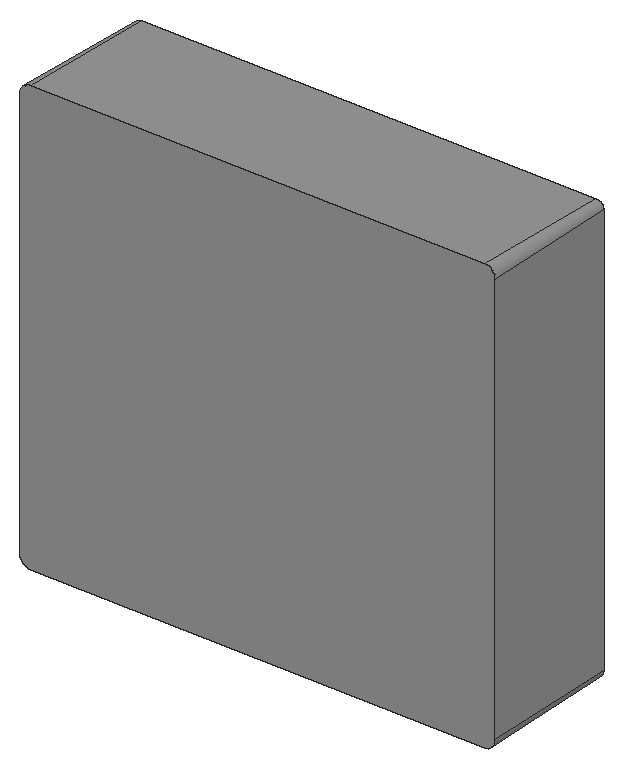
Revit family "L&L_LUCE&LIGHT_PASITO_1.2", category Lighting Fixtures, host Wall, Revit 2018 (continued)
Types (2, lengths in mm): name | Photometric Web File | built-in parameter 1150142
  PASITO_1.2 – 60° | "PASITO 1.2 BE 60° [2700K 8.5W 24Vdc] white.IES" | "IESNA:LM-63-2002\r\n[TEST] PASITO 20181002-1710.LDT\r\n[TESTLAB] L&L\r\n[TESTDATE] 2 Oct 2018\r\n[ISSUEDATE] 2 Oct 2018\r\n[MANUFAC] L&L\r\n[LUMCAT] PASITO 1.2 BE 60° [2700K 8.5W 24Vdc] white\r\n[LUMINAIRE] PASITO 1.2 BE 60° [2700K 8.5W 24Vdc] white\r\n[FLASHAREA] 0.000015\r\n[LAMPCAT] Power LED\r\n[LAMP] Power LED\r\nTILT=NONE\r\n1 272.00 1.0 181 73 1 2 0.002 0.030 0.000\r\n1.00 1.00 8.50\r\n0.00 1.00 2.00 3.00 4.00 5.00 6.00 7.00 8.00 9.00 10.00 \r\n11.00 12.00 13.00 14.00 15.00 16.00 17.00 18.00 19.00 \r\n20.00 21.00 22.00 23.00 24.00 25.00 26.00 27.00 28.00 \r\n29.00 30.00 31.00 32.00 33.00 34.00 35.00 36.00 37.00 \r\n38.00 39.00 40.00 41.00 42.00 43.00 44.00 45.00 46.00 \r\n47.00 48.00 49.00 50.00 51.00 52.00 53.00 54.00 55.00 \r\n56.00 57.00 58.00 59.00 60.00 61.00 62.00 63.00 64.00 \r\n65.00 66.00 67.00 68.00 69.00 70.00 71.00 72.00 73.00 \r\n74.00 75.00 76.00 77.00 78.00 79.00 80.00 81.00 82.00 \r\n83.00 84.00 85.00 86.00 87.00 88.00 89.00 90.00 91.00 \r\n92.00 93.00 94.00 95.00 96.00 97.00 98.00 99.00 100.00 \r\n101.00 102.00 103.00 104.00 105.00 106.00 107.00 108.00 \r\n109.00 110.00 111.00 112.00 113.00 114.00 115.00 116.00 \r\n117.00 118.00 119.00 120.00 121.00 122.00 123.00 124.00 \r\n125.00 126.00 127.00 128.00 129.00 130.00 131.00 132.00 \r\n133.00 134.00 135.00 136.00 137.00 138.00 139.00 140.00 \r\n141.00 142.00 143.00 144.00 145.00 146.00 147.00 148.00 \r\n149.00 150.00 151.00 152.00 153.00 154.00 155.00 156.00 \r\n157.00 158.00 159.00 160.00 161.00 162.00 163.00 164.00 \r\n165.00 166.00 167.00 168.00 169.00 170.00 171.00 172.00 \r\n173.00 174.00 175.00 176.00 177.00 178.00 179.00 180.00 \r\n0.00 5.00 10.00 15.00 20.00 25.00 30.00 35.00 40.00 45.00 \r\n50.00 55.00 60.00 65.00 70.00 75.00 80.00 85.00 90.00 \r\n95.00 100.00 105.00 110.00 115.00 120.00 125.00 130.00 \r\n135.00 140.00 145.00 150.00 155.00 160.00 165.00 170.00 \r\n175.00 180.00 185.00 190.00 195.00 200.00 205.00 210.00 \r\n215.00 220.00 225.00 230.00 235.00 240.00 245.00 250.00 \r\n255.00 260.00 265.00 270.00 275.00 280.00 285.00 290.00 \r\n295.00 300.00 305.00 310.00 315.00 320.00 325.00 330.00 \r\n335.00 340.00 345.00 350.00 355.00 360.00 \r\n0.07 0.07 0.07 0.07 0.07 0.07 0.07 0.07 0.07 0.07 0.07 \r\n0.07 0.07 0.07 0.08 0.08 0.08 0.08 0.08 0.09 0.09 0.09 \r\n0.09 0.09 0.10 0.10 0.10 0.10 0.11 0.11 0.11 0.11 0.11 \r\n0.12 0.12 0.12 0.12 0.13 0.13 0.13 0.13 0.14 0.14 0.14 \r\n0.14 0.15 0.15 0.15 0.15 0.15 0.16 0.16 0.16 0.16 0.17 \r\n0.17 0.17 0.17 0.17 0.17 0.18 0.18 0.18 0.18 0.18 0.18 \r\n0.19 0.19 0.19 0.19 0.19 0.19 0.19 0.19 0.20 0.20 0.20 \r\n0.20 0.20 0.20 0.20 0.20 0.21 0.21 0.21 0.21 0.21 0.21 \r\n0.21 0.21 0.22 0.22 0.22 0.22 0.22 0.22 0.22 0.22 0.22 \r\n0.22 0.22 0.22 0.22 0.22 0.22 0.22 0.22 0.22 0.22 0.21 \r\n0.21 0.21 0.21 0.21 0.21 0.20 0.20 0.20 0.20 0.19 0.19 \r\n0.19 0.19 0.18 0.18 0.18 0.18 0.18 0.17 0.17 0.17 0.17 \r\n0.16 0.16 0.16 0.15 0.15 0.15 0.14 0.14 0.14 0.13 0.13 \r\n0.13 0.12 0.12 0.11 0.11 0.11 0.10 0.10 0.09 0.09 0.09 \r\n0.08 0.08 0.08 0.07 0.07 0.07 0.06 0.06 0.06 0.06 0.05 \r\n0.05 0.05 0.05 0.04 0.04 0.04 0.04 0.04 0.04 0.04 0.04 \r\n0.04 0.03 0.03 0.02 0.02 \r\n0.07 0.07 0.06 0.05 0.04 0.04 0.03 0.02 0.02 0.01 0.01 \r\n0.00 0.00 0.00 0.00 0.00 0.00 0.00 0.00 0.00 0.00 0.00 \r\n0.00 0.00 0.00 0.00 0.00 0.00 0.00 0.00 0.00 0.00 0.00 \r\n0.00 0.00 0.00 0.00 0.00 0.00 0.00 0.00 0.00 0.00 0.00 \r\n0.00 0.00 0.00 0.00 0.00 0.00 0.00 0.00 0.00 0.00 0.00 \r\n0.00 0.00 0.00 0.00 0.00 0.00 0.00 0.00 0.00 0.00 0.00 \r\n0.00 0.00 0.00 0.00 0.00 0.00 0.00 0.00 0.00 0.00 0.00 \r\n0.00 0.00 0.00 0.00 0.00 0.00 0.00 0.00 0.00 0.00 0.00 \r\n0.00 0.00 0.00 0.00 0.00 0.00 0.00 0.00 0.00 0.00 0.00 \r\n0.00 0.00 0.00 0.00 0.00 0.00 0.00 0.00 0.00 0.00 0.00 \r\n0.00 0.00 0.00 0.00 0.00 0.00 0.00 0.00 0.00 0.00 0.00 \r\n0.00 0.00 0.00 0.00 0.00 0.00 0.00 0.00 0.00 0.00 0.00 \r\n0.00 0.00 0.00 0.00 0.00 0.00 0.00 0.00 0.00 0.00 0.00 \r\n0.00 0.00 0.00 0.00 0.00 0.00 0.00 0.00 0.00 0.00 0.00 \r\n0.00 0.00 0.00 0.00 0.00 0.00 0.00 0.00 0.00 0.00 0.00 \r\n0.00 0.00 0.00 0.00 0.00 0.00 0.01 0.01 0.01 0.01 0.02 \r\n0.02 0.02 0.02 0.02 0.02 \r\n0.07 0.06 0.05 0.03 0.02 0.01 0.00 0.00 0.00 0.00 0.00 \r\n0.00 0.00 0.00 0.00 0.00 0.00 0.00 0.00 0.00 0.00 0.00 \r\n0.00 0.00 0.00 0.00 0.00 0.00 0.00 0.00 0.00 0.00 0.00 \r\n0.00 0.00 0.00 0.00 0.00 0.00 0.00 0.00 0.00 0.00 0.00 \r\n0.00 0.00 0.00 0.00 0.00 0.00 0.00 0.00 0.00 0.00 0.00 \r\n0.00 0.00 0.00 0.00 0.00 0.00 0.00 0.00 0.00 0.00 0.00 \r\n0.00 0.00 0.00 0.00 0.00 0.00 0.00 0.00 0.00 0.00 0.00 \r\n0.00 0.00 0.00 0.00 0.00 0.00 0.00 0.00 0.00 0.00 0.00 \r\n0.00 0.00 0.00 0.00 0.00 0.00 0.00 0.00 0.00 0.00 0.00 \r\n0.00 0.00 0.00 0.00 0.00 0.00 0.00 0.00 0.00 0.00 0.00 \r\n0.00 0.00 0.00 0.00 0.00 0.00 0.00 0.00 0.00 0.00 0.00 \r\n0.00 0.00 0.00 0.00 0.00 0.00 0.00 0.00 0.00 0.00 0.00 \r\n0.00 0.00 0.00 0.00 0.00 0.00 0.00 0.00 0.00 0.00 0.00 \r\n0.00 0.00 0.00 0.00 0.00 0.00 0.00 0.00 0.00 0.00 0.00 \r\n0.00 0.00 0.00 0.00 0.00 0.00 0.00 0.00 0.00 0.00 0.00 \r\n0.00 0.00 0.00 0.00 0.00 0.00 0.00 0.00 0.00 0.00 0.00 \r\n0.01 0.01 0.02 0.02 0.02 \r\n0.07 0.05 0.04 0.02 0.00 0.00 0.00 0.00 0.00 0.00 0.00 \r\n0.00 0.00 0.00 0.00 0.00 0.00 0.00 0.00 0.00 0.00 0.00 \r\n0.00 0.00 0.00 0.00 0.00 0.00 0.00 0.00 0.00 0.00 0.00 \r\n0.00 0.00 0.00 0.00 0.00 0.00 0.00 0.00 0.00 0.00 0.00 \r\n0.00 0.00 0.00 0.00 0.00 0.00 0.00 0.00 0.00 0.00 0.00 \r\n0.00 0.00 0.00 0.00 0.00 0.00 0.00 0.00 0.00 0.00 0.00 \r\n0.00 0.00 0.00 0.00 0.00 0.00 0.00 0.00 0.00 0.00 0.00 \r\n0.00 0.00 0.00 0.00 0.00 0.00 0.00 0.00 0.00 0.00 0.00 \r\n0.00 0.00 0.00 0.00 0.00 0.00 0.00 0.00 0.00 0.00 0.00 \r\n0.00 0.00 0.00 0.00 0.00 0.00 0.00 0.00 0.00 0.00 0.00 \r\n0.00 0.00 0.00 0.00 0.00 0.00 0.00 0.00 0.00 0.00 0.00 \r\n0.00 0.00 0.00 0.00 0.00 0.00 0.00 0.00 0.00 0.00 0.00 \r\n0.00 0.00 0.00 0.00 0.00 0.00 0.00 0.00 0.00 0.00 0.00 \r\n0.00 0.00 0.00 0.00 0.00 0.00 0.00 0.00 0.00 0.00 0.00 \r\n0.00 0.00 0.00 0.00 0.00 0.00 0.00 0.00 0.00 0.00 0.00 \r\n0.00 0.00 0.00 0.00 0.00 0.00 0.00 0.00 0.00 0.00 0.00 \r\n0.00 0.01 0.01 0.02 0.02 \r\n0.07 0.05 0.02 0.00 0.00 0.00 0.00 0.00 0.00 0.00 0.00 \r\n0.00 0.00 0.00 0.00 0.00 0.00 0.00 0.00 0.00 0.00 0.00 \r\n0.00 0.00 0.00 0.00 0.00 0.00 0.00 0.00 0.00 0.00 0.00 \r\n0.00 0.00 0.00 0.00 0.00 0.00 0.00 0.00 0.00 0.00 0.00 \r\n0.00 0.00 0.00 0.00 0.00 0.00 0.00 0.00 0.00 0.00 0.00 \r\n0.00 0.00 0.00 0.00 0.00 0.00 0.00 0.00 0.00 0.00 0.00 \r\n0.00 0.00 0.00 0.00 0.00 0.00 0.00 0.00 0.00 0.00 0.00 \r\n0.00 0.00 0.00 0.00 0.00 0.00 0.00 0.00 0.00 0.00 0.00 \r\n0.00 0.00 0.00 0.00 0.00 0.00 0.00 0.00 0.00 0.00 0.00 \r\n0.00 0.00 0.00 0.00 0.00 0.00 0.00 0.00 0.00 0.00 0.00 \r\n0.00 0.00 0.00 0.00 0.00 0.00 0.00 0.00 0.00 0.00 0.00 \r\n0.00 0.00 0.00 0.00 0.00 0.00 0.00 0.00 0.00 0.00 0.00 \r\n0.00 0.00 0.00 0.00 0.00 0.00 0.00 0.00 0.00 0.00 0.00 \r\n0.00 0.00 0.00 0.00 0.00 0.00 0.00 0.00 0.00 0.00 0.00 \r\n0.00 0.00 0.00 0.00 0.00 0.00 0.00 0.00 0.00 0.00 0.00 \r\n0.00 0.00 0.00 0.00 0.00 0.00 0.00 0.00 0.00 0.00 0.00 \r\n0.00 0.00 0.01 0.01 0.02 \r\n0.07 0.04 0.01 0.00 0.00 0.00 0.00 0.00 0.00 0.00 0.00 \r\n0.00 0.00 0.00 0.00 0.00 0.00 0.00 0.00 0.00 0.00 0.00 \r\n0.00 0.00 0.00 0.00 0.00 0.00 0.00 0.00 0.00 0.00 0.00 \r\n0.00 0.00 0.00 0.00 0.00 0.00 0.00 0.00 0.00 0.00 0.00 \r\n0.00 0.00 0.00 0.00 0.00 0.00 0.00 0.00 0.00 0.00 0.00 \r\n0.00 0.00 0.00 0.00 0.00 0.00 0.00 0.00 0.00 0.00 0.00 \r\n0.00 0.00 0.00 0.00 0.00 0.00 0.00 0.00 0.00 0.00 0.00 \r\n0.00 0.00 0.00 0.00 0.00 0.00 0.00 0.00 0.00 0.00 0.00 \r\n0.00 0.00 0.00 0.00 0.00 0.00 0.00 0.00 0.00 0.00 0.00 \r\n0.00 0.00 0.00 0.00 0.00 0.00 0.00 0.00 0.00 0.00 0.00 \r\n0.00 0.00 0.00 0.00 0.00 0.00 0.00 0.00 0.00 0.00 0.00 \r\n0.00 0.00 0.00 0.00 0.00 0.00 0.00 0.00 0.00 0.00 0.00 \r\n0.00 0.00 0.00 0.00 0.00 0.00 0.00 0.00 0.00 0.00 0.00 \r\n0.00 0.00 0.00 0.00 0.00 0.00 0.00 0.00 0.00 0.00 0.00 \r\n0.00 0.00 0.00 0.00 0.00 0.00 0.00 0.00 0.00 0.00 0.00 \r\n0.00 0.00 0.00 0.00 0.00 0.00 0.00 0.00 0.00 0.00 0.00 \r\n0.00 0.00 0.00 0.01 0.02 \r\n0.07 0.04 0.00 0.00 0.00 0.00 0.00 0.00 0.00 0.00 0.00 \r\n0.00 0.00 0.00 0.00 0.00 0.00 0.00 0.00 0.00 0.00 0.00 \r\n0.00 0.00 0.00 0.00 0.00 0.00 0.00 0.00 0.00 0.00 0.00 \r\n0.00 0.00 0.00 0.00 0.00 0.00 0.00 0.00 0.00 0.00 0.00 \r\n0.00 0.00 0.00 0.00 0.00 0.00 0.00 0.00 0.00 0.00 0.00 \r\n0.00 0.00 0.00 0.00 0.00 0.00 0.00 0.00 0.00 0.00 0.00 \r\n0.00 0.00 0.00 0.00 0.00 0.00 0.00 0.00 0.00 0.00 0.00 \r\n0.00 0.00 0.00 0.00 0.00 0.00 0.00 0.00 0.00 0.00 0.00 \r\n0.00 0.00 0.00 0.00 0.00 0.00 0.00 0.00 0.00 0.00 0.00 \r\n0.00 0.00 0.00 0.00 0.00 0.00 0.00 0.00 0.00 0.00 0.00 \r\n0.00 0.00 0.00 0.00 0.00 0.00 0.00 0.00 0.00 0.00 0.00 \r\n0.00 0.00 0.00 0.00 0.00 0.00 0.00 0.00 0.00 0.00 0.00 \r\n0.00 0.00 0.00 0.00 0.00 0.00 0.00 0.00 0.00 0.00 0.00 \r\n0.00 0.00 0.00 0.00 0.00 0.00 0.00 0.00 0.00 0.00 0.00 \r\n0.00 0.00 0.00 0.00 0.00 0.00 0.00 0.00 0.00 0.00 0.00 \r\n0.00 0.00 0.00 0.00 0.00 0.00 0.00 0.00 0.00 0.00 0.00 \r\n0.00 0.00 0.00 0.01 0.02 \r\n0.07 0.03 0.00 0.00 0.00 0.00 0.00 0.00 0.00 0.00 0.00 \r\n0.00 0.00 0.00 0.00 0.00 0.00 0.00 0.00 0.00 0.00 0.00 \r\n0.00 0.00 0.00 0.00 0.00 0.00 0.00 0.00 0.00 0.00 0.00 \r\n0.00 0.00 0.00 0.00 0.00 0.00 0.00 0.00 0.00 0.00 0.00 \r\n0.00 0.00 0.00 0.00 0.00 0.00 0.00 0.00 0.00 0.00 0.00 \r\n0.00 0.00 0.00 0.00 0.00 0.00 0.00 0.00 0.00 0.00 0.00 \r\n0.00 0.00 0.00 0.00 0.00 0.00 0.00 0.00 0.00 0.00 0.00 \r\n0.00 0.00 0.00 0.00 0.00 0.00 0.00 0.00 0.00 0.00 0.00 \r\n0.00 0.00 0.00 0.00 0.00 0.00 0.00 0.00 0.00 0.00 0.00 \r\n0.00 0.00 0.00 0.00 0.00 0.00 0.00 0.00 0.00 0.00 0.00 \r\n0.00 0.00 0.00 0.00 0.00 0.00 0.00 0.00 0.00 0.00 0.00 \r\n0.00 0.00 0.00 0.00 0.00 0.00 0.00 0.00 0.00 0.00 0.00 \r\n0.00 0.00 0.00 0.00 0.00 0.00 0.00 0.00 0.00 0.00 0.00 \r\n0.00 0.00 0.00 0.00 0.00 0.00 0.00 0.00 0.00 0.00 0.00 \r\n0.00 0.00 0.00 0.00 0.00 0.00 0.00 0.00 0.00 0.00 0.00 \r\n0.00 0.00 0.00 0.00 0.00 0.00 0.00 0.00 0.00 0.00 0.00 \r\n0.00 0.00 0.00 0.01 0.02 \r\n0.07 0.03 0.00 0.00 0.00 0.00 0.00 0.00 0.00 0.00 0.00 \r\n0.00 0.00 0.00 0.00 0.00 0.00 0.00 0.00 0.00 0.00 0.00 \r\n0.00 0.00 0.00 0.00 0.00 0.00 0.00 0.00 0.00 0.00 0.00 \r\n0.00 0.00 0.00 0.00 0.00 0.00 0.00 0.00 0.00 0.00 0.00 \r\n0.00 0.00 0.00 0.00 0.00 0.00 0.00 0.00 0.00 0.00 0.00 \r\n0.00 0.00 0.00 0.00 0.00 0.00 0.00 0.00 0.00 0.00 0.00 \r\n0.00 0.00 0.00 0.00 0.00 0.00 0.00 0.00 0.00 0.00 0.00 \r\n0.00 0.00 0.00 0.00 0.00 0.00 0.00 0.00 0.00 0.00 0.00 \r\n0.00 0.00 0.00 0.00 0.00 0.00 0.00 0.00 0.00 0.00 0.00 \r\n0.00 0.00 0.00 0.00 0.00 0.00 0.00 0.00 0.00 0.00 0.00 \r\n0.00 0.00 0.00 0.00 0.00 0.00 0.00 0.00 0.00 0.00 0.00 \r\n0.00 0.00 0.00 0.00 0.00 0.00 0.00 0.00 0.00 0.00 0.00 \r\n0.00 0.00 0.00 0.00 0.00 0.00 0.00 0.00 0.00 0.00 0.00 \r\n0.00 0.00 0.00 0.00 0.00 0.00 0.00 0.00 0.00 0.00 0.00 \r\n0.00 0.00 0.00 0.00 0.00 0.00 0.00 0.00 0.00 0.00 0.00 \r\n0.00 0.00 0.00 0.00 0.00 0.00 0.00 0.00 0.00 0.00 0.00 \r\n0.00 0.00 0.00 0.01 0.02 \r\n0.07 0.02 0.00 0.00 0.00 0.00 0.00 0.00 0.00 0.00 0.00 \r\n0.00 0.00 0.00 0.00 0.00 0.00 0.00 0.00 0.00 0.00 0.00 \r\n0.00 0.00 0.00 0.00 0.00 0.00 0.00 0.00 0.00 0.00 0.00 \r\n0.00 0.00 0.00 0.00 0.00 0.00 0.00 0.00 0.00 0.00 0.00 \r\n0.00 0.00 0.00 0.00 0.00 0.00 0.00 0.00 0.00 0.00 0.00 \r\n0.00 0.00 0.00 0.00 0.00 0.00 0.00 0.00 0.00 0.00 0.00 \r\n0.00 0.00 0.00 0.00 0.00 0.00 0.00 0.00 0.00 0.00 0.00 \r\n0.00 0.00 0.00 0.00 0.00 0.00 0.00 0.00 0.00 0.00 0.00 \r\n0.00 0.00 0.00 0.00 0.00 0.00 0.00 0.00 0.00 0.00 0.00 \r\n0.00 0.00 0.00 0.00 0.00 0.00 0.00 0.00 0.00 0.00 0.00 \r\n0.00 0.00 0.00 0.00 0.00 0.00 0.00 0.00 0.00 0.00 0.00 \r\n0.00 0.00 0.00 0.00 0.00 0.00 0.00 0.00 0.00 0.00 0.00 \r\n0.00 0.00 0.00 0.00 0.00 0.00 0.00 0.00 0.00 0.00 0.00 \r\n0.00 0.00 0.00 0.00 0.00 0.00 0.00 0.00 0.00 0.00 0.00 \r\n0.00 0.00 0.00 0.00 0.00 0.00 0.00 0.00 0.00 0.00 0.00 \r\n0.00 0.00 0.00 0.00 0.00 0.00 0.00 0.00 0.00 0.00 0.00 \r\n0.00 0.00 0.00 0.00 0.02 \r\n0.07 0.02 0.00 0.00 0.00 0.00 0.00 0.00 0.00 0.00 0.00 \r\n0.00 0.00 0.00 0.00 0.00 0.00 0.00 0.00 0.00 0.00 0.00 \r\n0.00 0.00 0.00 0.00 0.00 0.00 0.00 0.00 0.00 0.00 0.00 \r\n0.00 0.00 0.00 0.00 0.00 0.00 0.00 0.00 0.00 0.00 0.00 \r\n0.00 0.00 0.00 0.00 0.00 0.00 0.00 0.00 0.00 0.00 0.00 \r\n0.00 0.00 0.00 0.00 0.00 0.00 0.00 0.00 0.00 0.00 0.00 \r\n0.00 0.00 0.00 0.00 0.00 0.00 0.00 0.00 0.00 0.00 0.00 \r\n0.00 0.00 0.00 0.00 0.00 0.00 0.00 0.00 0.00 0.00 0.00 \r\n0.00 0.00 0.00 0.00 0.00 0.00 0.00 0.00 0.00 0.00 0.00 \r\n0.00 0.00 0.00 0.00 0.00 0.00 0.00 0.00 0.00 0.00 0.00 \r\n0.00 0.00 0.00 0.00 0.00 0.00 0.00 0.00 0.00 0.00 0.00 \r\n0.00 0.00 0.00 0.00 0.00 0.00 0.00 0.00 0.00 0.00 0.00 \r\n0.00 0.00 0.00 0.00 0.00 0.00 0.00 0.00 0.00 0.00 0.00 \r\n0.00 0.00 0.00 0.00 0.00 0.00 0.00 0.00 0.00 0.00 0.00 \r\n0.00 0.00 0.00 0.00 0.00 0.00 0.00 0.00 0.00 0.00 0.00 \r\n0.00 0.00 0.00 0.00 0.00 0.00 0.00 0.00 0.00 0.00 0.00 \r\n0.00 0.00 0.00 0.00 0.02 \r\n0.07 0.01 0.00 0.00 0.00 0.00 0.00 0.00 0.00 0.00 0.00 \r\n0.00 0.00 0.00 0.00 0.00 0.00 0.00 0.00 0.00 0.00 0.00 \r\n0.00 0.00 0.00 0.00 0.00 0.00 0.00 0.00 0.00 0.00 0.00 \r\n0.00 0.00 0.00 0.00 0.00 0.00 0.00 0.00 0.00 0.00 0.00 \r\n0.00 0.00 0.00 0.00 0.00 0.00 0.00 0.00 0.00 0.00 0.00 \r\n0.00 0.00 0.00 0.00 0.00 0.00 0.00 0.00 0.00 0.00 0.00 \r\n0.00 0.00 0.00 0.00 0.00 0.00 0.00 0.00 0.00 0.00 0.00 \r\n0.00 0.00 0.00 0.00 0.00 0.00 0.00 0.00 0.00 0.00 0.00 \r\n0.00 0.00 0.00 0.00 0.00 0.00 0.00 0.00 0.00 0.00 0.00 \r\n0.00 0.00 0.00 0.00 0.00 0.00 0.00 0.00 0.00 0.00 0.00 \r\n0.00 0.00 0.00 0.00 0.00 0.00 0.00 0.00 0.00 0.00 0.00 \r\n0.00 0.00 0.00 0.00 0.00 0.00 0.00 0.00 0.00 0.00 0.00 \r\n0.00 0.00 0.00 0.00 0.00 0.00 0.00 0.00 0.00 0.00 0.00 \r\n0.00 0.00 0.00 0.00 0.00 0.00 0.00 0.00 0.00 0.00 0.00 \r\n0.00 0.00 0.00 0.00 0.00 0.00 0.00 0.00 0.00 0.00 0.00 \r\n0.00 0.00 0.00 0.00 0.00 0.00 0.00 0.00 0.00 0.00 0.00 \r\n0.00 0.00 0.00 0.00 0.02 \r\n0.07 0.01 0.00 0.00 0.00 0.00 0.00 0.00 0.00 0.00 0.00 \r\n0.00 0.00 0.00 0.00 0.00 0.00 0.00 0.00 0.00 0.00 0.00 \r\n0.00 0.00 0.00 0.00 0.00 0.00 0.00 0.00 0.00 0.00 0.00 \r\n0.00 0.00 0.00 0.00 0.00 0.00 0.00 0.00 0.00 0.00 0.00 \r\n0.00 0.00 0.00 0.00 0.00 0.00 0.00 0.00 0.00 0.00 0.00 \r\n0.00 0.00 0.00 0.00 0.00 0.00 0.00 0.00 0.00 0.00 0.00 \r\n0.00 0.00 0.00 0.00 0.00 0.00 0.00 0.00 0.00 0.00 0.00 \r\n0.00 0.00 0.00 0.00 0.00 0.00 0.00 0.00 0.00 0.00 0.00 \r\n0.00 0.00 0.00 0.00 0.00 0.00 0.00 0.00 0.00 0.00 0.00 \r\n0.00 0.00 0.00 0.00 0.00 0.00 0.00 0.00 0.00 0.00 0.00 \r\n0.00 0.00 0.00 0.00 0.00 0.00 0.00 0.00 0.00 0.00 0.00 \r\n0.00 0.00 0.00 0.00 0.00 0.00 0.00 0.00 0.00 0.00 0.00 \r\n0.00 0.00 0.00 0.00 0.00 0.00 0.00 0.00 0.00 0.00 0.00 \r\n0.00 0.00 0.00 0.00 0.00 0.00 0.00 0.00 0.00 0.00 0.00 \r\n0.00 0.00 0.00 0.00 0.00 0.00 0.00 0.00 0.00 0.00 0.00 \r\n0.00 0.00 0.00 0.00 0.00 0.00 0.00 0.00 0.00 0.00 0.00 \r\n0.00 0.00 0.00 0.00 0.02 \r\n0.07 0.01 0.00 0.00 0.00 0.00 0.00 0.00 0.00 0.00 0.00 \r\n0.00 0.00 0.00 0.00 0.00 0.00 0.00 0.00 0.00 0.00 0.00 \r\n0.00 0.00 0.00 0.00 0.00 0.00 0.00 0.00 0.00 0.00 0.00 \r\n0.00 0.00 0.00 0.00 0.00 0.00 0.00 0.00 0.00 0.00 0.00 \r\n0.00 0.00 0.00 0.00 0.00 0.00 0.00 0.00 0.00 0.00 0.00 \r\n0.00 0.00 0.00 0.00 0.00 0.00 0.00 0.00 0.00 0.00 0.00 \r\n0.00 0.00 0.00 0.00 0.00 0.00 0.00 0.00 0.00 0.00 0.00 \r\n0.00 0.00 0.00 0.00 0.00 0.00 0.00 0.00 0.00 0.00 0.00 \r\n0.00 0.00 0.00 0.00 0.00 0.00 0.00 0.00 0.00 0.00 0.00 \r\n0.00 0.00 0.00 0.00 0.00 0.00 0.00 0.00 0.00 0.00 0.00 \r\n0.00 0.00 0.00 0.00 0.00 0.00 0.00 0.00 0.00 0.00 0.00 \r\n0.00 0.00 0.00 0.00 0.00 0.00 0.00 0.00 0.00 0.00 0.00 \r\n0.00 0.00 0.00 0.00 0.00 0.00 0.00 0.00 0.00 0.00 0.00 \r\n0.00 0.00 0.00 0.00 0.00 0.00 0.00 0.00 0.00 0.00 0.00 \r\n0.00 0.00 0.00 0.00 0.00 0.00 0.00 0.00 0.00 0.00 0.00 \r\n0.00 0.00 0.00 0.00 0.00 0.00 0.00 0.00 0.00 0.00 0.00 \r\n0.00 0.00 0.00 0.00 0.02 \r\n0.07 0.00 0.00 0.00 0.00 0.00 0.00 0.00 0.00 0.00 0.00 \r\n0.00 0.00 0.00 0.00 0.00 0.00 0.00 0.00 0.00 0.00 0.00 \r\n0.00 0.00 0.00 0.00 0.00 0.00 0.00 0.00 0.00 0.00 0.00 \r\n0.00 0.00 0.00 0.00 0.00 0.00 0.00 0.00 0.00 0.00 0.00 \r\n0.00 0.00 0.00 0.00 0.00 0.00 0.00 0.00 0.00 0.00 0.00 \r\n0.00 0.00 0.00 0.00 0.00 0.00 0.00 0.00 0.00 0.00 0.00 \r\n0.00 0.00 0.00 0.00 0.00 0.00 0.00 0.00 0.00 0.00 0.00 \r\n0.00 0.00 0.00 0.00 0.00 0.00 0.00 0.00 0.00 0.00 0.00 \r\n0.00 0.00 0.00 0.00 0.00 0.00 0.00 0.00 0.00 0.00 0.00 \r\n0.00 0.00 0.00 0.00 0.00 0.00 0.00 0.00 0.00 0.00 0.00 \r\n0.00 0.00 0.00 0.00 0.00 0.00 0.00 0.00 0.00 0.00 0.00 \r\n0.00 0.
